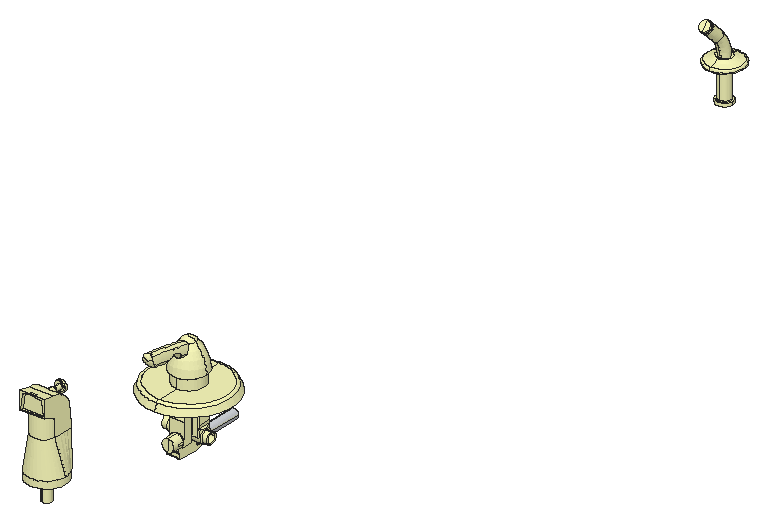
Revit family "9602-PLR", category Plumbing Fixtures, host Face, Revit 2019 (continued)
Definition of nested family "faucet"
  Automatic sketch dimensions
    plane 1 "Center (Front/Back)" to Blend 8 sketch curve = 0.000"  (x2)
    Blend 8 sketch curve to plane 3 "Center (Left/Right)" = 0.000"  (x2)
    plane 3 "Center (Left/Right)" to Blend 8 sketch curve = 0.5052"  (x2)
    plane 1 "Center (Front/Back)" to Blend 8 sketch curve = 0.01744"  (x2)
    Blend 8 sketch curve to plane 1 "Center (Front/Back)" = 1.1776"
    Blend 8 sketch curve to plane 3 "Center (Left/Right)" = 1.28127"
    Revolve 5 sketch curve to plane 1 "Center (Front/Back)" = 0.000"
    Revolve 5 sketch curve to level = 1.36414"
    Revolve 5 sketch curve to level = 0.13505"
    Revolve 5 sketch curve to Revolve 5 sketch curve = 0.06304"
    Revolve 5 sketch curve to Revolve 5 sketch curve = 0.64617"
    Revolve 5 sketch curve to Revolve 5 sketch curve = 0.000"
    plane 1 "Center (Front/Back)" to Revolve 5 sketch curve = 0.250"
    plane 3 "Center (Left/Right)" to Extrusion 4 sketch curve = 0.00859"
    plane 1 "Center (Front/Back)" to Extrusion 4 sketch curve = 0.34107"
    plane 1 "Center (Front/Back)" to Extrusion 4 sketch curve = 0.26748"
    Extrusion 4 sketch curve to plane 3 "Center (Left/Right)" = 0.80353"
    Extrusion 4 sketch curve to Extrusion 4 sketch curve = 0.00101"
    Extrusion 4 sketch curve to Extrusion 4 sketch curve = 0.000"
    Extrusion 4 sketch curve to plane 1 "Center (Front/Back)" = 0.07675"
    plane 1 "Center (Front/Back)" to Extrusion 10 sketch curve = 1.53446"
    Extrusion 10 sketch curve to Extrusion 10 sketch curve = 0.23316"
    plane 1 "Center (Front/Back)" to Extrusion 10 sketch curve = 0.58985"
    Extrusion 10 sketch curve to plane 5 = 2.42325"
    level to Extrusion 10 sketch curve = 2.1492"
    Extrusion 10 sketch curve to Extrusion 10 sketch curve = 0.98626"
    Extrusion 10 sketch curve to Extrusion 10 sketch curve = 3.000"
    radius of Extrusion 9 sketch curve to Revolve 5 = 0.000"
  Connectors (in)
    piping at (0, 0, -1.36414), diameter 0.5
      settings: on Extrusion 9, index 1, connector inside diameter 24", connector length 0.000", flow factor 0, pipe flow 0.000 GPM, pressure drop 0.00 psi, fitting loss kfactor 0, connector angle 0.000°, fixture units 0, engagement length 0.000", angle of deflection 0.000°, flow configuration 0, flow direction 0, fitting loss method 0, system type 22, joint type 0, gender type 0, connector reference index -1, connector utility 0, adjustable connector no, is connector primary yes, connector description "Tub Spout Supply"
Types (8): name | Product Material | Gallons Per Minute
  1.2 GPM Flow Restrictor, Chrome | Chrome - Symmons - Polished | 1.200 GPM
  1.2 GPM Flow Restrictor, Satin Nickel | Nickel - Symmons - Satin | 1.200 GPM
  1.5 GPM Flow Restrictor, Satin Nickel | Nickel - Symmons - Satin | 1.500 GPM
  1.75 GPM Flow Restrictor, Satin Nickel | Nickel - Symmons - Satin | 1.750 GPM
  2.0 GPM Flow Restrictor, Satin Nickel | Nickel - Symmons - Satin | 2.000 GPM
  1.5 GPM Flow Restrictor, Chrome | Chrome - Symmons - Polished | 1.500 GPM
  1.75 GPM Flow Restrictor, Chrome | Chrome - Symmons - Polished | 1.750 GPM
  2.0 GPM Flow Restrictor, Chrome | Chrome - Symmons - Polished | 2.000 GPM
